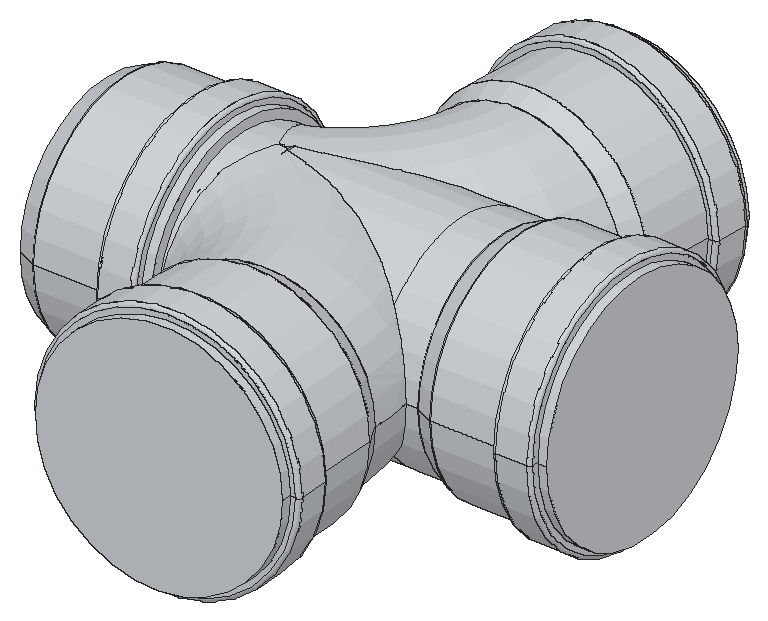
Revit family "RAUPIANO PLUS Double Branch Max Flow", category Pipe Fittings, Revit 2012
Parameters (values of type "Standard")
  z3 [instance] = 51 mm  # constant formula
  z2 [instance] = 70 mm  # constant formula
  z1 [instance] = 56 mm  # constant formula
  tmin 3 [instance] = size_lookup("RAUPIANO Pipe.csv", "tmin", 0 mm, Nominal Diameter 1)  # 52 mm
  tmin 2 [instance] = size_lookup("RAUPIANO Pipe.csv", "tmin", 0 mm, Nominal Diameter 2)  # 52 mm
  tmin 1 [instance] = size_lookup("RAUPIANO Pipe.csv", "tmin", 0 mm, Nominal Diameter 1)  # 52 mm
  re 3 [instance] = de 3 / 2  # 45 mm
  re 2 [instance] = de 2 / 2  # 45 mm
  re 1 [instance] = de 1 / 2  # 45 mm
  de 3 [instance] = size_lookup("RAUPIANO Pipe.csv", "de", 0 mm, Nominal Diameter 1)  # 90 mm
  de 2 [instance] = size_lookup("RAUPIANO Pipe.csv", "de", 0 mm, Nominal Diameter 2)  # 90 mm
  de 1 [instance] = size_lookup("RAUPIANO Pipe.csv", "de", 0 mm, Nominal Diameter 1)  # 90 mm
  bmin 3 [instance] = size_lookup("RAUPIANO Pipe.csv", "bmin", 0 mm, Nominal Diameter 3)  # 4 mm
  bmin 2 [instance] = size_lookup("RAUPIANO Pipe.csv", "bmin", 0 mm, Nominal Diameter 2)  # 4 mm
  bmin 1 [instance] = size_lookup("RAUPIANO Pipe.csv", "bmin", 0 mm, Nominal Diameter 1)  # 4 mm
  Type Comments = "RAU-PP; Push-fit; White"  # constant formula
  Thermal expansion coefficient [instance] = "0,09 mm/m.K"  # constant formula
  Temperature resistance [instance] = "90°C (continuous), 95°C (short term)"  # constant formula
  Tap Radius 2 [instance] = ((z2) * sin(alpha)) / (1 - cos(alpha))  # 73.765 mm
  Tap Angle [instance] = alpha - 22.00°  # 65.00°
  T1 = "DN 90/90/90 - 87 degree (swept angle)"
  Spec Text [instance] = if(D = 90 mm, T1, Fail)  # "DN 90/90/90 - 87 degree (swept angle)"
  Sleeve Length 2 2 [instance] = tmin 2 - bmin 2  # 48 mm
  Pressure resistance [instance] = "1 bar (100 kPa, 10m)"  # constant formula
  Materialcode SAP [instance] = if(D = 90 mm, M1, Fail)  # "11237141001"
  Manufacturer = "REHAU"  # constant formula
  M1 = "11237141001"
  Loss Method = Not Defined
  Health and environmental impact [instance] = "Halogen-free (no F, Cl, Br, J) and 100% recyclable"  # constant formula
  Fire load [instance] = "14.992 kJ/kg"  # constant formula
  Fire behaviour [instance] = "B2 (DIN 4102); D,S3-d0 (EN 13501-1)"  # constant formula
  Fail = "No article found"
  Description = "REHAU RAUPIANO PLUS double branch"  # constant formula
  D [instance] = Nominal Diameter 1  # 90 mm
  Class [instance] = "SN4"  # constant formula
  Chemical resistance [instance] = "pH 2 - 12"  # constant formula
  Belt Thickness 3 [instance] = Dmax 3 / 2 - Sleeve Radius 3  # 3.75 mm
  Belt Thickness 2 [instance] = Dmax 2 / 2 - Sleeve Radius 2  # 3.75 mm
  Belt Thickness 1 [instance] = Dmax 1 / 2 - Sleeve Radius 1  # 3.75 mm
  Belt Radius 3 [instance] = (Dmax 3 / 2 - Sleeve Radius 3) / 2.5  # 1.5 mm
  Belt Radius 2 [instance] = (Dmax 2 / 2 - Sleeve Radius 2) / 2.5  # 1.5 mm
  Belt Radius 1 [instance] = (Dmax 1 / 2 - Sleeve Radius 1) / 2.5  # 1.5 mm
  Belt Length 3 [instance] = 3 mm / 10 mm * tmin 3  # 15.6 mm
  Belt Length 2 [instance] = 3 mm / 10 mm * tmin 2  # 15.6 mm
  Belt Length 1 [instance] = (3 mm / 10 mm) * tmin 1  # 15.6 mm
  alpha [instance] = 87.00°  # constant formula
  Tap Length 2 [instance] = (z2 + tmin 2) * sin(alpha)  # 121.833 mm
  Sleeve Radius 3 [instance] = (Dmax 3 + de 3) / 4  # 48.75 mm
  Sleeve Radius 2 [instance] = (Dmax 2 + de 2) / 4  # 48.75 mm
  Sleeve Radius 1 [instance] = (Dmax 1 + de 1) / 4  # 48.75 mm
  Sleeve Length 3 [instance] = tmin 3 + bmin 3  # 56 mm
  Sleeve Length 2 [instance] = tmin 2 + bmin 2  # 56 mm
  Sleeve Length 1 [instance] = tmin 1 + bmin 1  # 56 mm
  Nominal Radius 3 [instance] = Nominal Radius 1  # 45 mm
  Nominal Radius 2 [instance] = Nominal Radius 1  # 45 mm
  Nominal Radius 1 [instance] = 45 mm  # constant formula
  Nominal Diameter 3 [instance] = Nominal Radius 3 * 2  # 90 mm
  Nominal Diameter 2 [instance] = Nominal Radius 2 * 2  # 90 mm
  Nominal Diameter 1 [instance] = Nominal Radius 1 * 2  # 90 mm
  Max Radius Run [instance] = if(re 1 > re 3, re 1, re 3)  # 45 mm
  built-in parameter 1114236 = (empty or 0)
  Length 5 [instance] = Length 3 / 3  # 17 mm
  Length 4 [instance] = Length 1 / 3  # 18.667 mm
  Length 3 [instance] = z3  # 51 mm
  Length 2 [instance] = z2  # 70 mm
  Length 1 [instance] = z1  # 56 mm
  Dmax 3 [instance] = size_lookup("RAUPIANO Pipe.csv", "Dmax", 0 mm, Nominal Diameter 1)  # 105 mm
  Dmax 2 [instance] = size_lookup("RAUPIANO Pipe.csv", "Dmax", 0 mm, Nominal Diameter 2)  # 105 mm
  Dmax 1 [instance] = size_lookup("RAUPIANO Pipe.csv", "Dmax", 0 mm, Nominal Diameter 1)  # 105 mm
  Article No [instance] = if(D = 90 mm, A1, Fail)  # "123714-001"
  Application [instance] = "Not to be exposed to UV-radiation"  # constant formula
  Acoustic properties [instance] = "Rw + Ctr 42 (with industry standard suspended ceiling)"  # constant formula
  A1 = "123714-001"
  2 bmin 2 [instance] = 2 * bmin 2  # 8 mm
Reference planes
  plane 1 "Center (Front/Back)": y = 0
  plane 2: z = 0
  plane 3 "Center (Left/Right)": x = 0
  plane 4: x = 51
  plane 5: x = -56
  plane 6: y = -121.833
  plane 7: x = -108
  plane 8: x = 107
  plane 9: x = -37.333
  plane 10: x = 34
  plane 11: x = -112
  plane 12: x = -104
  plane 13: x = 55
  plane 14: x = 59
  plane 15: y = 121.833
Forms (mm)
  Extrusion 1, solid, detail levels fine
    sketch origin (-56, 298.262, 1219.2) x (0, 1, 0) y (0, 0, 1)
      loop
        circle (-298.262, -1219.2) r 45
    from 18.667 to 90
  Extrusion 2, solid, detail levels fine
    sketch origin (-56, 298.262, 1219.2) x (0, 1, 0) y (0, 0, 1)
      loop
        circle (-298.262, -1219.2) r 48.75
    from 0 to -48
  Extrusion 3, solid, detail levels fine
    sketch origin (51, 298.262, 1219.2) x (0, 1, 0) y (0, 0, 1)
      loop
        circle (-298.262, -1219.2) r 48.75
    from 8 to 56
  Blend 4, solid, detail levels fine
    base sketch origin (-37.333, 36.874, 1219.2) x (0, 1, 0) y (0, 0, 1)
      loop
        circle (-36.874, -1219.2) r 45
    top sketch origin (-37.333, 36.874, 1219.2) x (0, 1, 0) y (0, 0, 1)
      loop
        circle (-36.874, -1219.2) r 45
    from -18.667 to 0
  Blend 5, solid, detail levels fine
    base sketch origin (34, 36.874, 1219.2) x (0, 1, 0) y (0, 0, 1)
      loop
        circle (-36.874, -1219.2) r 45
    top sketch origin (34, 36.874, 1219.2) x (0, 1, 0) y (0, 0, 1)
      loop
        circle (-36.874, -1219.2) r 45
    from 17 to 0
  Sweep 6, solid, detail levels fine
    path in 3D
      loop
        line (6.385, -121.833, 0) -> (3.873, -73.899, 0)
    profile origin (5.129, -97.866, 0) x (-0.99863, -0.052336, 0) y (0, 0, 1)
      loop
        circle (0, 0) r 48.75
  Blend 7, solid, detail levels fine
    base sketch origin (51, 298.262, 1219.2) x (0, 1, 0) y (0, 0, 1)
      loop
        circle (-298.262, -1219.2) r 45
    top sketch origin (51, 298.262, 1219.2) x (0, 1, 0) y (0, 0, 1)
      loop
        circle (-298.262, -1219.2) r 48.75
    from 0 to 8
  Blend 8, solid, detail levels fine
    base sketch origin (-112, 58.829, 1219.2) x (0, 1, 0) y (0, 0, 1)
      loop
        circle (-58.829, -1219.2) r 45
    top sketch origin (-112, 58.829, 1219.2) x (0, 1, 0) y (0, 0, 1)
      loop
        circle (-58.829, -1219.2) r 48.75
    from 0 to 8
  SweptBlend 9, solid, detail levels fine
    path in 3D
      loop
        line (3.873, -73.899, 0) -> (3.454, -65.91, 0)
    profile origin (3.873, -73.899, 0) x (-0.99863, -0.052336, 0) y (0, 0, 1)
      loop
        circle (0, 0) r 48.75
    end profile origin (3.454, -65.91, 0) x (-0.99863, -0.052336, 0) y (0, 0, 1)
      loop
        circle (0, 0) r 45
  Revolve 10, solid, detail levels fine
    sketch origin (0, 0, 0) x (0.052336, -0.99863, 0) y (0.99863, 0.052336, 0)
      loop
        line (102.4, -48.75) -> (102.4, -51)
        arc (102.4, -51) -> (102.839, -52.061) -> (103.9, -52.5) r 1.5
        line (103.9, -52.5) -> (116.5, -52.5)
        arc (116.5, -52.5) -> (117.561, -52.061) -> (118, -51) r 1.5
        line (118, -51) -> (118, -48.75) -> (102.4, -48.75)
      axis (102.4, 0) -> (118, 0)
    angle from 0 to 360
  Sweep 11, solid, detail levels fine
    path in 3D
      loop
        arc (3.454, -65.91, 0) -> (-10.156, -26.935, 0) -> (-42.577, -1.377, 0) r 73.765
    profile origin (3.454, -65.91, 0) x (-0.99863, -0.052336, 0) y (0, 0, 1)
      loop
        circle (0, 0) r 45
  Revolve 12, solid, detail levels fine
    sketch origin (0, 0, 0) x (1, 0, 0) y (0, 1, 0)
      loop
        line (103, -48.75) -> (87.4, -48.75) -> (87.4, -51)
        arc (87.4, -51) -> (87.839, -52.061) -> (88.9, -52.5) r 1.5
        line (88.9, -52.5) -> (101.5, -52.5)
        arc (101.5, -52.5) -> (102.561, -52.061) -> (103, -51) r 1.5
        line (103, -51) -> (103, -48.75)
      axis (103, 0) -> (87.4, 0)
    angle from 0 to 360
  Revolve 13, solid, detail levels fine
    sketch origin (0, 0, 0) x (1, 0, 0) y (0, 1, 0)
      loop
        line (-75.6, -48.75) -> (-75.6, -51)
        arc (-75.6, -51) -> (-75.161, -52.061) -> (-74.1, -52.5) r 1.5
        line (-74.1, -52.5) -> (-61.5, -52.5)
        arc (-61.5, -52.5) -> (-60.439, -52.061) -> (-60, -51) r 1.5
        line (-60, -51) -> (-60, -48.75) -> (-75.6, -48.75)
      axis (-60, 0) -> (-75.6, 0)
    angle from 0 to 360
  Sweep 14, solid, detail levels fine
    path in 3D
      loop
        line (6.385, 121.833, 0) -> (3.873, 73.899, 0)
    profile origin (5.129, 97.866, 0) x (0.99863, -0.052336, 0) y (0, 0, 1)
      loop
        circle (0, 0) r 48.75
  SweptBlend 15, solid, detail levels fine
    path in 3D
      loop
        line (3.873, 73.899, 0) -> (3.454, 65.91, 0)
    profile origin (3.873, 73.899, 0) x (0.99863, -0.052336, 0) y (0, 0, 1)
      loop
        circle (0, 0) r 48.75
    end profile origin (3.454, 65.91, 0) x (0.99863, -0.052336, 0) y (0, 0, 1)
      loop
        circle (0, 0) r 45
  Sweep 16, solid, detail levels fine
    path in 3D
      loop
        arc (3.454, 65.91, 0) -> (-10.156, 26.935, 0) -> (-42.577, 1.377, 0) r 73.765
    profile origin (3.454, 65.91, 0) x (0.99863, -0.052336, 0) y (0, 0, 1)
      loop
        circle (0, 0) r 45
  Revolve 17, solid, detail levels fine
    sketch origin (0, 0, 0) x (0.052336, 0.99863, 0) y (-0.99863, 0.052336, 0)
      loop
        line (102.4, -48.75) -> (102.4, -51)
        arc (102.4, -51) -> (102.839, -52.061) -> (103.9, -52.5) r 1.5
        line (103.9, -52.5) -> (116.5, -52.5)
        arc (116.5, -52.5) -> (117.561, -52.061) -> (118, -51) r 1.5
        line (118, -51) -> (118, -48.75) -> (102.4, -48.75)
      axis (102.4, 0) -> (118, 0)
    angle from 0 to 360
Cuts and joins
  joined: Extrusion 1, Blend 5, Sweep 11, Sweep 16
Lines and regions (mm)
  reference lines
    curve 1: line (0, 0, 0) -> (6.385, -121.833, 0)
    curve 2: line (6.385, -121.833, 0) -> (3.873, -73.899, 0)
    curve 4: line (3.873, -73.899, 0) -> (3.454, -65.91, 0)
    curve 6: line (54.859, -115.287, 0) -> (-42.508, -120.39, 0)
    curve 7: line (54.042, -99.708, 0) -> (-43.324, -104.811, 0)
    curve 8: arc (3.454, -65.91, 0) -> (-10.156, -26.935, 0) -> (-42.577, -1.377, 0) r 73.765
    curve 15: line (0, 0, 0) -> (6.385, 121.833, 0)
    curve 16: line (6.385, 121.833, 0) -> (3.873, 73.899, 0)
    curve 17: line (3.873, 73.899, 0) -> (3.454, 65.91, 0)
    curve 18: arc (3.454, 65.91, 0) -> (-10.156, 26.935, 0) -> (-42.577, 1.377, 0) r 73.765
    curve 22: line (54.859, 115.287, 0) -> (-42.508, 120.39, 0)
    curve 23: line (-43.324, 104.811, 0) -> (54.042, 99.708, 0)
  sketch lines
    curve 3: line (6.385, -121.833, 0) -> (3.873, -73.899, 0)
    curve 5: line (3.873, -73.899, 0) -> (3.454, -65.91, 0)
    curve 9: arc (3.454, -65.91, 0) -> (-10.156, -26.935, 0) -> (-42.577, -1.377, 0) r 73.765
    curve 19: line (6.385, 121.833, 0) -> (3.873, 73.899, 0)
    curve 20: line (3.873, 73.899, 0) -> (3.454, 65.91, 0)
    curve 21: arc (3.454, 65.91, 0) -> (-10.156, 26.935, 0) -> (-42.577, 1.377, 0) r 73.765
  model lines, detail levels coarse+medium
    curve 10: line (-112, 0, 0) -> (107, 0, 0)
    curve 11: line (-112, 45, 0) -> (-112, -45, 0)
    curve 12: line (107, 45, 0) -> (107, -45, 0)
    curve 13: line (0, 0, 0) -> (6.385, -121.833, 0)
    curve 14: line (-38.553, -124.188, 0) -> (51.323, -119.478, 0)
    curve 24: line (0, 0, 0) -> (6.385, 121.833, 0)
    curve 25: line (51.323, 119.478, 0) -> (-38.553, 124.188, 0)
  model lines, style "Symbol", detail levels coarse+medium
    curve 26: line (-112, 0, 45) -> (-112, 0, -45)
    curve 27: line (107, 0, 45) -> (107, 0, -45)
    curve 28: line (6.385, -121.833, 45) -> (6.385, -121.833, -45)
    curve 29: line (6.385, 121.833, 45) -> (6.385, 121.833, -45)
Dimensions and locks
  "Length 1": plane 5 to plane 3 "Center (Left/Right)"
  "Length 3": plane 3 "Center (Left/Right)" to plane 4
  "Tap Length 2": plane 6 to plane 1 "Center (Front/Back)"
  "tmin 3": plane 13 to plane 8
  "tmin 1": plane 7 to plane 5
  "Length 4": plane 5 to plane 9
  "Length 5": plane 10 to plane 4
  "Sleeve Length 2 2": curve 2 to curve 2
  equal spacing: plane 11, plane 7, plane 12
  "bmin 1": plane 7 to plane 12
  "2 bmin 2": curve 4 to curve 4
  equal spacing: curve 6, curve 1, curve 6
  "Sleeve Radius 2": curve 1 to curve 6
  "bmin 2": curve 6 to curve 1
  "Belt Length 2": curve 7 to curve 6
  "Belt Thickness 2": Revolve 10 sketch curve to Revolve 10 sketch curve
  equal spacing: plane 4, plane 13, plane 14
  "bmin 3": plane 4 to plane 13
  "Belt Thickness 3": Revolve 12 sketch curve to Revolve 12 sketch curve
  "Sleeve Radius 3": Revolve 12 sketch curve to plane 1 "Center (Front/Back)"
  "bmin 3": Revolve 12 sketch curve to plane 8
  "Belt Length 3": Revolve 12 sketch curve to Revolve 12 sketch curve
  "Belt Thickness 1": Revolve 13 sketch curve to Revolve 13 sketch curve
  "Sleeve Radius 1": Revolve 13 sketch curve to plane 1 "Center (Front/Back)"
  "bmin 1": Revolve 13 sketch curve to plane 5
  "Belt Length 1": Revolve 13 sketch curve to Revolve 13 sketch curve
  equal spacing: curve 11, plane 1 "Center (Front/Back)", curve 11
  "Nominal Radius 1": curve 11 to plane 1 "Center (Front/Back)"
  equal spacing: curve 12, plane 1 "Center (Front/Back)", curve 12
  "Nominal Radius 3": plane 1 "Center (Front/Back)" to curve 12
  equal spacing: curve 14, curve 1, curve 14
  "Nominal Radius 2": curve 14 to curve 1
  "Tap Length 2": plane 1 "Center (Front/Back)" to plane 15
  "Sleeve Length 2 2": curve 16 to curve 16
  "2 bmin 2": curve 17 to curve 17
  equal spacing: curve 22, curve 15, curve 22
  "Sleeve Radius 2": curve 22 to curve 15
  "Belt Length 2": curve 23 to curve 22
  "bmin 2": curve 16 to curve 22
  "Belt Thickness 2": Revolve 17 sketch curve to Revolve 17 sketch curve
  equal spacing: curve 25, curve 15, curve 25
  "Nominal Radius 2": curve 25 to curve 15
  equal spacing: curve 26, level, curve 26
  equal spacing: curve 27, level, curve 27
  "Nominal Radius 3": curve 27 to level
  "Nominal Radius 1": curve 26 to level
  equal spacing: curve 28, curve 1, curve 28
  "Nominal Radius 2": curve 1 to curve 28
  equal spacing: curve 29, curve 15, curve 29
  "Nominal Radius 2": curve 15 to curve 29
  "Max Radius Run": radius of Extrusion 1 sketch curve
  "Sleeve Radius 1": radius of Extrusion 2 sketch curve
  "Sleeve Radius 3": radius of Extrusion 3 sketch curve
  "re 1": radius of Blend 4 sketch curve
  "Max Radius Run": radius of Blend 4 sketch curve
  "re 3": radius of Blend 5 sketch curve
  "Max Radius Run": radius of Blend 5 sketch curve
  "Sleeve Radius 2": radius of Sweep 6 sketch curve
  "re 3": radius of Blend 7 sketch curve
  "Sleeve Radius 3": radius of Blend 7 sketch curve
  "re 1": radius of Blend 8 sketch curve
  "Sleeve Radius 1": radius of Blend 8 sketch curve
  "Sleeve Radius 2": radius of SweptBlend 9 sketch curve
  "re 2": radius of SweptBlend 9 sketch curve
  "Belt Radius 2": radius of Revolve 10 sketch curve  (x2)
  "Tap Radius 2": radius of curve 8
  "re 2": radius of Sweep 11 sketch curve
  "Belt Radius 3": radius of Revolve 12 sketch curve  (x2)
  "Belt Radius 1": radius of Revolve 13 sketch curve  (x2)
  "Tap Radius 2": radius of curve 18
  "Sleeve Radius 2": radius of Sweep 14 sketch curve
  "Sleeve Radius 2": radius of SweptBlend 15 sketch curve
  "re 2": radius of SweptBlend 15 sketch curve
  "re 2": radius of Sweep 16 sketch curve
  "Belt Radius 2": radius of Revolve 17 sketch curve  (x2)
  "alpha": angle curve 1 to plane 1 "Center (Front/Back)"
  "Tap Angle": angle curve 8 to curve 8
  "alpha": angle plane 1 "Center (Front/Back)" to curve 15
  "Tap Angle": angle curve 18 to curve 18
  aligned and locked: plane 2 to level
  aligned and locked: plane 5 to Extrusion 2
  aligned and locked: Extrusion 3 to plane 8
  aligned and locked: Extrusion 1 to plane 9
  aligned and locked: plane 10 to Extrusion 1
  aligned and locked: Blend 4 to plane 5
  aligned and locked: plane 3 "Center (Left/Right)" to curve 1
  aligned and locked: plane 1 "Center (Front/Back)" to curve 1
  aligned and locked: plane 6 to curve 1
  aligned and locked: plane 6 to curve 2
  aligned and locked: curve 2 to curve 1
  aligned and locked: Extrusion 2 to plane 12
  aligned and locked: plane 14 to Extrusion 3
  aligned and locked: plane 4 to Blend 5
  aligned and locked: Blend 7 to plane 14
  aligned and locked: plane 12 to Blend 8
  aligned and locked: curve 4 to curve 1
  aligned and locked: curve 7 to curve 6  (x2)
  aligned and locked: Revolve 10 sketch curve to curve 6
  aligned and locked: curve 6 to Revolve 10 sketch curve
  aligned and locked: Revolve 10 sketch curve to Revolve 10 sketch curve
  aligned and locked: curve 7 to Revolve 10 sketch curve
  aligned and locked: Revolve 10 sketch curve to curve 1
  aligned and locked: Revolve 12 sketch curve to Revolve 12 sketch curve
  aligned and locked: Revolve 12 sketch curve to plane 1 "Center (Front/Back)"
  aligned and locked: Revolve 13 sketch curve to Revolve 13 sketch curve
  aligned and locked: Revolve 13 sketch curve to plane 1 "Center (Front/Back)"
  aligned and locked: plane 11 to curve 10
  aligned and locked: plane 1 "Center (Front/Back)" to curve 10
  aligned and locked: curve 11 to plane 11
  aligned and locked: plane 1 "Center (Front/Back)" to curve 13
  aligned and locked: curve 13 to curve 1
  aligned and locked: curve 14 to curve 1
  aligned and locked: plane 15 to curve 15
  aligned and locked: curve 16 to curve 15
  aligned and locked: curve 17 to curve 15
  aligned and locked: curve 22 to curve 23  (x2)
  aligned and locked: Revolve 17 sketch curve to curve 15
  aligned and locked: Revolve 17 sketch curve to curve 22  (x2)
  aligned and locked: Revolve 17 sketch curve to Revolve 17 sketch curve
  aligned and locked: curve 23 to Revolve 17 sketch curve
  aligned and locked: curve 24 to curve 15
  aligned and locked: curve 25 to curve 15
  aligned and locked: curve 26 to plane 11
  aligned and locked: plane 8 to curve 27
  aligned and locked: curve 28 to curve 1
  aligned and locked: curve 29 to curve 15
Automatic sketch dimensions
  Extrusion 1 sketch curve to level = 0 mm
  Extrusion 1 sketch curve to plane 1 "Center (Front/Back)" = 0 mm
  Extrusion 2 sketch curve to level = 0 mm
  Extrusion 2 sketch curve to plane 1 "Center (Front/Back)" = 0 mm
  Extrusion 3 sketch curve to level = 0 mm
  Extrusion 3 sketch curve to plane 1 "Center (Front/Back)" = 0 mm
  Blend 4 sketch curve to level = 0 mm  (x2)
  Blend 4 sketch curve to plane 1 "Center (Front/Back)" = 0 mm  (x2)
  Blend 5 sketch curve to level = 0 mm  (x2)
  Blend 5 sketch curve to plane 1 "Center (Front/Back)" = 0 mm  (x2)
  Sweep 6 sketch curve to profile plane = 0 mm
  profile plane to Sweep 6 sketch curve = 0 mm
  Blend 7 sketch curve to level = 0 mm  (x2)
  Blend 7 sketch curve to plane 1 "Center (Front/Back)" = 0 mm  (x2)
  Blend 8 sketch curve to level = 0 mm  (x2)
  Blend 8 sketch curve to plane 1 "Center (Front/Back)" = 0 mm  (x2)
  SweptBlend 9 sketch curve to profile plane = 0 mm  (x2)
  profile plane to SweptBlend 9 sketch curve = 0 mm  (x2)
  Revolve 10 sketch curve to curve 1 = 0 mm  (x2)
  Sweep 11 sketch curve to profile plane = 0 mm
  profile plane to Sweep 11 sketch curve = 0 mm
  Revolve 12 sketch curve to plane 11 = 1408 mm
  Revolve 12 sketch curve to plane 8 = 1413 mm
  Revolve 13 sketch curve to plane 11 = 1408 mm
  Revolve 13 sketch curve to plane 8 = 1413 mm
  curve 12 to plane 8 = 0 mm
  Sweep 14 sketch curve to profile plane = 0 mm  (x2)
  SweptBlend 15 sketch curve to profile plane = 0 mm  (x4)
  Sweep 16 sketch curve to profile plane = 0 mm  (x2)
  curve 16 to curve 15 = 0 mm
  Revolve 17 sketch curve to curve 15 = 0 mm  (x2)
  curve 24 to curve 15 = 0 mm
Connectors
  piping at (-112, 0, 0), driven by "Nominal Radius 1"
    settings: on Blend 8, index 1, connector radius 45 mm, flow factor 0, pipe flow 0 GPM, pressure drop 0.00 psi, fitting loss kfactor 0, connector angle 0.00°, fixture units 0, engagement length 0 mm, flow configuration 0, flow direction 0, fitting loss method 0, system type 28, joint type 0, gender type 0, connector reference index 3, connector utility 0, adjustable connector no, is connector primary yes, fitting loss table "", connector description ""
  piping at (6.385, -121.833, 0), driven by "Nominal Radius 2", driven by "alpha"
    settings: on Sweep 6, index 2, connector radius 45 mm, flow factor 0, pipe flow 0 GPM, pressure drop 0.00 psi, fitting loss kfactor 0, connector angle 87.00°, fixture units 0, engagement length 0 mm, flow configuration 0, flow direction 0, fitting loss method 0, system type 28, joint type 0, gender type 0, connector reference index -1, connector utility 0, adjustable connector no, is connector primary no, fitting loss table "", connector description ""
  piping at (107, 0, 0), driven by "Nominal Radius 3"
    settings: on Extrusion 3, index 3, connector radius 45 mm, flow factor 0, pipe flow 0 GPM, pressure drop 0.00 psi, fitting loss kfactor 0, connector angle 0.00°, fixture units 0, engagement length 0 mm, flow configuration 0, flow direction 0, fitting loss method 0, system type 28, joint type 0, gender type 0, connector reference index 1, connector utility 0, adjustable connector no, is connector primary no, fitting loss table "", connector description ""
  piping at (6.385, 121.833, 0), driven by "alpha", driven by "Nominal Radius 2"
    settings: on Sweep 14, index 4, connector radius 45 mm, flow factor 0, pipe flow 0 GPM, pressure drop 0.00 psi, fitting loss kfactor 0, connector angle 87.00°, fixture units 0, engagement length 0 mm, flow configuration 0, flow direction 0, fitting loss method 0, system type 28, joint type 0, gender type 0, connector reference index -1, connector utility 0, adjustable connector no, is connector primary no, fitting loss table "", connector description ""
